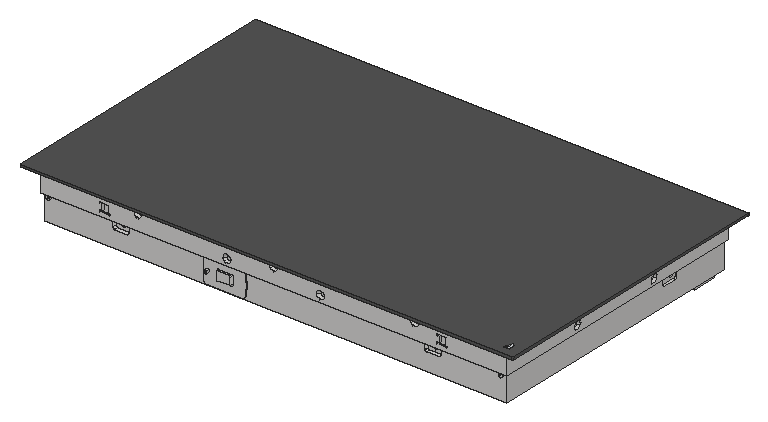
Revit family "P210876JX-014_JEC4536KB", category Specialty Equipment, Revit 2026
Family settings
  Round Connector Dimension = Use Diameter
  Part Type = Normal
  Work Plane-Based = No
  Enable Cutting in Views = No
  Always vertical = Yes
  Cut with Voids When Loaded = No
  Maintain Annotation Orientation = No
  Shared = No
  Room Calculation Point = No
Parameters (values of type "JEC4536KB")
  Width = 36 5/16"
  Voltage = 0 V
  URL = ""
  Side Border Material = ARCAT - Metal - Steel - Stainless Black
  Model = "JEC4536KB"
  Manufacturer = "JennAir"
  Logo Material = ARCAT - Metal - Steel - White
  Installation-Fabrication = "https://www.whirlpool.com/content/dam/global/documents/202005/installation-instructions-w11439183-reva.pdf\r\nhttps://www.whirlpool.com/content/dam/global/documents/202005/installation-instructions-w11439183-reva.pdf"
  Height = 5 1/4"
  Feature 3 = "12\"/9\"/6\" Triple-Choice™ Element\r\nÉlément Triple-Choice™ de 12 po/9 po/6 po"
  Feature 2 = "Versatile Installation\r\nVersatile Installation"
  Feature 1 = "Most Powerful Radiant Cooktop In Its Class\r\nMost Powerful Radiant Cooktop In Its Class"
  Family Name = "Electric Built-In Cooktop"
  Energy Guide = ""
  Drawn By = ""
  Dimension Guide = ""
  Description = "Oblivion 36\" Electric Radiant Cooktop with Emotive Controls\r\nOblivion 36\" Electric Radiant Cooktop with Emotive Controls"
  Depth = 21 3/4"
  Default Elevation = 0"
  Copyright = ""
  Cooktop Glass Material = ARCAT - Glass - Tempered - Black Light
  Body Material = ARCAT - Metal - Steel - Stainless
  Amps = 0 A
Reference planes (in)
  plane 1 "Center (Front/Back)": y = 0
  plane 2: z = 0
  plane 3 "Center (Left/Right)": x = 0
  plane 4: z = 0
  plane 5: z = 0
  plane 6: z = 3.75
  plane 7: y = -21.75
  plane 8: z = -1.5
  plane 9: x = 18.15625
  plane 10: x = -18.15625
Forms (in)
  Extrusion 1, solid, material "ARCAT - Metal - Steel - Stainless" <- "Body Material"
    sketch origin (-60.41868, -180, 3.4) x (-1, 0, 0) y (0, -1, 0)
      loop
        line (-43.23373, -179.28617) -> (-43.23373, -158.96383) -> (-77.60363, -158.96383) -> (-77.60363, -179.28617) -> (-43.23373, -179.28617)
    from -1.48011 to 0.13008
  Extrusion 2, solid, material "ARCAT - Metal - Steel - Stainless" <- "Body Material"
    sketch origin (-60.41868, -180, 1.95) x (-1, 0, 0) y (0, -1, 0)
      loop
        line (-77.45325, -179.10613) -> (-43.38411, -179.10613) -> (-43.38411, -159.14387) -> (-77.45325, -159.14387) -> (-77.45325, -179.10613)
    from -1.95 to -0.03011
  Blend 3, void
    base sketch origin (17.18495, -1.49508, 2.55117) x (0, 1, 0) y (0, 0, -1)
      loop
        circle (-15.93157, -0.46189) r 0.29844
    top sketch origin (17.18495, -1.49508, 2.55117) x (0, -1, 0) y (0, 0, -1)
      loop
        circle (15.93157, -0.46189) r 0.14844
    from 0 to 0.19922
  Blend 4, void
    base sketch origin (-24.59375, -21.03617, 3.65) x (-1, 0, 0) y (0, 0, 1)
      loop
        circle (-14.62755, -0.59831) r 0.30058
    top sketch origin (-24.59375, -21.03617, 3.65) x (-1, 0, 0) y (0, 0, 1)
      loop
        circle (-14.62755, -0.59831) r 0.19922
    from 0 to 0.19922
  Blend 5, void
    base sketch origin (-12.51498, -21.03617, 3.12955) x (-1, 0, 0) y (0, 0, 1)
      loop
        circle (-9.08495, -0.7585) r 0.30058
    top sketch origin (-12.51498, -21.03617, 3.12955) x (-1, 0, 0) y (0, 0, 1)
      loop
        circle (-9.08495, -0.7585) r 0.19922
    from 0 to 0.19922
  Blend 6, void
    base sketch origin (25.03125, -21.03617, 3.65) x (1, 0, 0) y (0, 0, -1)
      loop
        circle (-14.62755, 0.59831) r 0.30058
    top sketch origin (25.03125, -21.03617, 3.65) x (1, 0, 0) y (0, 0, -1)
      loop
        circle (-14.62755, 0.59831) r 0.19922
    from 0 to 0.19922
  Extrusion 7, solid, material "ARCAT - Metal - Steel - Stainless" <- "Body Material"
    sketch origin (2.16406, -20.85613, 1.95) x (-1, 0, 0) y (0, 0, -1)
      loop
        line (7.2677, 0.08015) -> (7.4362, 0.24865) -> (7.4362, 1.719) -> (7.2677, 1.8875) -> (4.53143, 1.8875) -> (4.36293, 1.719) -> (4.36293, 1.219) -> (4.27209, 1.219) -> (4.27209, 0.71854) -> (4.36293, 0.71854) -> (4.36293, 0.24865) -> (4.53143, 0.08015) -> (7.2677, 0.08015)
    from 0 to 0.02481
  Blend 8, solid, material "ARCAT - Metal - Steel - Stainless" <- "Body Material"
    base sketch origin (2.04754, -20.88094, 4.08405) x (-1, 0, 0) y (0, 0, -1)
      loop
        arc (6.29273, 2.72783) -> (6.32587, 2.74155) -> (6.3396, 2.7747) r 0.04688
        line (6.3396, 2.7747) -> (6.3396, 3.43095)
        arc (6.3396, 3.43095) -> (6.32587, 3.4641) -> (6.29273, 3.47783) r 0.04688
        line (6.29273, 3.47783) -> (5.27337, 3.47783)
        arc (5.27337, 3.47783) -> (5.24022, 3.4641) -> (5.22649, 3.43095) r 0.04688
        line (5.22649, 3.43095) -> (5.22649, 2.7747)
        arc (5.22649, 2.7747) -> (5.24022, 2.74155) -> (5.27337, 2.72783) r 0.04688
        line (5.27337, 2.72783) -> (6.29273, 2.72783)
    top sketch origin (2.04754, -20.88094, 4.08405) x (-1, 0, 0) y (0, 0, -1)
      loop
        line (6.26929, 2.84501) -> (6.26929, 3.36064)
        arc (6.26929, 3.36064) -> (6.25556, 3.39378) -> (6.22242, 3.40751) r 0.04688
        line (6.22242, 3.40751) -> (5.34368, 3.40751)
        arc (5.34368, 3.40751) -> (5.31053, 3.39378) -> (5.2968, 3.36064) r 0.04688
        line (5.2968, 3.36064) -> (5.2968, 2.84501)
        arc (5.2968, 2.84501) -> (5.31053, 2.81187) -> (5.34368, 2.79814) r 0.04688
        line (5.34368, 2.79814) -> (6.22242, 2.79814)
        arc (6.22242, 2.79814) -> (6.25556, 2.81187) -> (6.26929, 2.84501) r 0.04688
    from 0 to 0.13144
  Extrusion 9, solid, material "ARCAT - Metal - Steel - Stainless" <- "Body Material"
    sketch origin (2.17969, -20.88094, 1.95) x (-1, 0, 0) y (0, 0, -1)
      loop
        line (7.33049, 0.89697) -> (7.33049, 1.04058) -> (7.20612, 1.11238) -> (7.08175, 1.04058) -> (7.08175, 0.89697) -> (7.20612, 0.82516) -> (7.33049, 0.89697)
      loop
        circle (7.20612, 0.96877) r 0.06531
    from 0 to 0.16605
  Extrusion 10, solid, material "ARCAT - Metal - Steel - Stainless" <- "Body Material"
    sketch origin (16.75781, -20.85613, 2.12187) x (-1, 0, 0) y (0, 0, -1)
      loop
        line (33.55666, 0.321) -> (33.55666, 0.46534) -> (33.43166, 0.53751) -> (33.30666, 0.46534) -> (33.30666, 0.321) -> (33.43166, 0.24883) -> (33.55666, 0.321)
      loop
        circle (33.43166, 0.39317) r 0.04258
    from 0 to 0.13726
  Blend 11, void
    base sketch origin (17.18495, -20.31742, 2.55117) x (0, -1, 0) y (0, 0, 1)
      loop
        circle (-15.77532, 0.46189) r 0.29844
    top sketch origin (17.18495, -20.31742, 2.55117) x (0, 1, 0) y (0, 0, 1)
      loop
        circle (15.77532, 0.46189) r 0.14844
    from 0 to 0.19922
  Blend 12, void
    base sketch origin (17.18495, 1.33055, 2.0845) x (0, 1, 0) y (0, 0, -1)
      loop
        circle (-15.93157, -0.3017) r 0.29844
    top sketch origin (17.18495, 1.33055, 2.0845) x (0, -1, 0) y (0, 0, -1)
      loop
        circle (15.93157, -0.3017) r 0.14844
    from 0 to 0.19922
  Blend 13, void
    base sketch origin (17.18495, -23.33055, 2.0845) x (0, -1, 0) y (0, 0, 1)
      loop
        circle (-15.77532, 0.3017) r 0.29844
    top sketch origin (17.18495, -23.33055, 2.0845) x (0, 1, 0) y (0, 0, 1)
      loop
        circle (15.77532, 0.3017) r 0.14844
    from 0 to 0.19922
  Blend 14, void
    base sketch origin (-10.5997, -20.85613, 1.95) x (1, 0, 0) y (0, 0, -1)
      loop
        line (-1.26861, 0.03011) -> (-0.24687, 0.03011) -> (-0.24687, 0.4561)
        arc (-0.24687, 0.4561) -> (-0.2777, 0.53053) -> (-0.35213, 0.56136) r 0.10526
        line (-0.35213, 0.56136) -> (-1.16335, 0.56136)
        arc (-1.16335, 0.56136) -> (-1.23778, 0.53053) -> (-1.26861, 0.4561) r 0.10526
        line (-1.26861, 0.4561) -> (-1.26861, 0.03011)
    top sketch origin (-10.5997, -20.85613, 1.95) x (-1, 0, 0) y (0, 0, -1)
      loop
        line (1.38274, 0.03011) -> (1.38274, 0.51136)
        arc (1.38274, 0.51136) -> (1.33835, 0.61853) -> (1.23118, 0.66292) r 0.15156
        line (1.23118, 0.66292) -> (0.2843, 0.66292)
        arc (0.2843, 0.66292) -> (0.17713, 0.61853) -> (0.13274, 0.51136) r 0.15156
        line (0.13274, 0.51136) -> (0.13274, 0.03011) -> (1.38274, 0.03011)
    from 0.125 to 0
  Extrusion 15, solid, material "ARCAT - Metal - Steel - Stainless" <- "Body Material"
    sketch origin (-11.05014, -20.73113, 1.91875) x (-1, 0, 0) y (0, 0, -1)
      loop
        line (0.21818, 0.0836) -> (0.21818, 0.19476) -> (0.1219, 0.25035) -> (0.02563, 0.19476) -> (0.02563, 0.0836) -> (0.1219, 0.02801) -> (0.21818, 0.0836)
      loop
        circle (0.1219, 0.13918) r 0.0328
    from 0 to 0.125
  Extrusion 16, solid, material "ARCAT - Metal - Steel - Stainless" <- "Body Material"
    sketch origin (16.90957, 13.68348, 1.95) x (0, -1, 0) y (0, 0, -1)
      loop
        line (19.53792, 0.10427) -> (19.53792, 0.20888) -> (19.44733, 0.26118) -> (19.35674, 0.20888) -> (19.35674, 0.10427) -> (19.44733, 0.05197) -> (19.53792, 0.10427)
      loop
        circle (19.44733, 0.15657) r 0.0328
    from 0 to 0.125
  Extrusion 17, solid, material "ARCAT - Metal - Steel - Stainless" <- "Body Material"
    sketch origin (16.75781, -0.89387, 1.95) x (-1, 0, 0) y (0, 0, 1)
      loop
        line (33.55666, -0.14913) -> (33.43166, -0.07696) -> (33.30666, -0.14913) -> (33.30666, -0.29346) -> (33.43166, -0.36563) -> (33.55666, -0.29346) -> (33.55666, -0.14913)
      loop
        circle (33.43166, -0.22129) r 0.04258
    from 0 to 0.13672
  Blend 18, void
    base sketch origin (-17.18495, -1.625, 3.4) x (0, 1, 0) y (0, 0, 1)
      loop
        circle (-15.80165, -0.38694) r 0.29844
    top sketch origin (-17.18495, -1.625, 3.4) x (0, -1, 0) y (0, 0, 1)
      loop
        circle (15.80165, -0.38694) r 0.14844
    from 0 to 0.19922
  Blend 19, void
    base sketch origin (-17.18495, -0.75, 3.4) x (0, 1, 0) y (0, 0, 1)
      loop
        circle (-3.7921, -0.38694) r 0.29844
    top sketch origin (-17.18495, -0.75, 3.4) x (0, -1, 0) y (0, 0, 1)
      loop
        circle (3.7921, -0.38694) r 0.14844
    from 0 to 0.19922
  Blend 20, void
    base sketch origin (-17.18495, -1.625, 3.4) x (0, 1, 0) y (0, 0, 1)
      loop
        circle (-12.97602, -1.01379) r 0.29844
    top sketch origin (-17.18495, -1.625, 3.4) x (0, -1, 0) y (0, 0, 1)
      loop
        circle (12.97602, -1.01379) r 0.14844
    from 0 to 0.19922
  Blend 21, void
    base sketch origin (-17.18495, -1.125, 3.4) x (0, 1, 0) y (0, 0, 1)
      loop
        circle (-6.43023, -1.01379) r 0.29844
    top sketch origin (-17.18495, -1.125, 3.4) x (0, -1, 0) y (0, 0, 1)
      loop
        circle (6.43023, -1.01379) r 0.14844
    from 0 to 0.19922
  Extrusion 22, solid, material "ARCAT - Glass - Tempered - Black Light" <- "Cooktop Glass Material"
    sketch origin (-17.73791, -0.5, 3.65989) x (0, -1, 0) y (1, 0, 0)
      loop
        arc (-0.5, -0.31677) -> (-0.47025, -0.38859) -> (-0.39844, -0.41834) r 0.10156
        line (-0.39844, -0.41834) -> (21.14844, -0.41834)
        arc (21.14844, -0.41834) -> (21.22025, -0.38859) -> (21.25, -0.31677) r 0.10156
        line (21.25, -0.31677) -> (21.25, 35.7926)
        arc (21.25, 35.7926) -> (21.22025, 35.86442) -> (21.14844, 35.89416) r 0.10156
        line (21.14844, 35.89416) -> (-0.39844, 35.89416)
        arc (-0.39844, 35.89416) -> (-0.47025, 35.86442) -> (-0.5, 35.7926) r 0.10156
        line (-0.5, 35.7926) -> (-0.5, -0.31677)
    from -0.05994 to 0.09011
  Extrusion 23, solid, material "ARCAT - Metal - Steel - Stainless" <- "Body Material"
    sketch origin (0, 10.7608, -0.22093) x (0, 1, 0) y (-1, 0, 0)
      loop
        line (-28.25301, 13.57759) -> (-30.02838, 11.80222) -> (-30.02838, -12.17722) -> (-28.25301, -13.95259) -> (-15.92546, -13.95259) -> (-14.15009, -12.17722) -> (-14.15009, -2.64095) -> (-14.43043, -2.36061) -> (-16.65009, -2.36061) -> (-16.65009, 1.86061) -> (-14.43043, 1.86061) -> (-14.15009, 2.14095) -> (-14.15009, 9.29725) -> (-14.43043, 9.57759) -> (-16.65009, 9.57759) -> (-16.65009, 13.29725) -> (-16.93043, 13.57759) -> (-28.25301, 13.57759)
      loop
        circle (-17.5982, 10.16306) r 0.38834
      loop
        circle (-28.06451, 10.16306) r 0.38834
      loop
        circle (-16.0982, -10.16306) r 0.38834
      loop
        circle (-28.06451, -10.16306) r 0.38834
      loop
        circle (-22.04312, -0.03358) r 0.38834
    from 0 to -0.04012
  Blend 24, void
    base sketch origin (-11.14232, -0.6875, 3.12955) x (-1, 0, 0) y (0, 0, -1)
      loop
        circle (-14.60625, 0.72839) r 0.30058
    top sketch origin (-11.14232, -0.6875, 3.12955) x (-1, 0, 0) y (0, 0, -1)
      loop
        circle (-14.60625, 0.72839) r 0.19922
    from 0 to 0.19922
  Extrusion 25, solid, material "ARCAT - Metal - Steel - Stainless" <- "Body Material"
    sketch origin (-17.73791, -0.5, 3.59995) x (1, 0, 0) y (0, -1, 0)
      loop
        line (0.55296, 0.21383) -> (0.55296, -0.14597) -> (0.69226, -0.28526) -> (34.78357, -0.28526) -> (34.92286, -0.14597) -> (34.92286, 0.21383) -> (0.55296, 0.21383)
      loop
        line (0.55296, 20.53617) -> (34.92286, 20.53617) -> (34.92286, 20.89597) -> (34.78357, 21.03526) -> (0.69226, 21.03526) -> (0.55296, 20.89597) -> (0.55296, 20.53617)
    from 0 to 0.06987
  Extrusion 26, solid, material "ARCAT - Metal - Steel - Stainless" <- "Body Material"
    sketch origin (-32.42241, 14.1845, 3.59995) x (1, 0, 0) y (0, -1, 0)
      loop
        line (15.23746, 14.89832) -> (15.23746, 35.22067) -> (14.66259, 35.22067) -> (14.52329, 35.08137) -> (14.52329, 15.03762) -> (14.66259, 14.89832) -> (15.23746, 14.89832)
    from 0 to 0.06987
  Extrusion 27, solid, material "ARCAT - Metal - Steel - Stainless" <- "Body Material"
    sketch origin (32.42241, 14.1845, 3.59995) x (1, 0, 0) y (0, -1, 0)
      loop
        line (-15.23746, 14.89832) -> (-14.66259, 14.89832) -> (-14.52329, 15.03762) -> (-14.52329, 35.08137) -> (-14.66259, 35.22067) -> (-15.23746, 35.22067) -> (-15.23746, 14.89832)
    from 0 to 0.06987
  Blend 28, void
    base sketch origin (17.03457, 13.55848, 1.95) x (0, 1, 0) y (0, 0, -1)
      loop
        arc (-19.92002, 0.56136) -> (-19.99445, 0.53053) -> (-20.02528, 0.4561) r 0.10526
        line (-20.02528, 0.4561) -> (-20.02528, 0.03011) -> (-18.87651, 0.03011) -> (-18.87651, 0.4561)
        arc (-18.87651, 0.4561) -> (-18.90734, 0.53053) -> (-18.98177, 0.56136) r 0.10526
        line (-18.98177, 0.56136) -> (-19.92002, 0.56136)
    top sketch origin (17.03457, 13.55848, 1.95) x (0, -1, 0) y (0, 0, -1)
      loop
        line (20.13941, 0.03011) -> (20.13941, 0.51136)
        arc (20.13941, 0.51136) -> (20.09502, 0.61853) -> (19.98784, 0.66292) r 0.15156
        line (19.98784, 0.66292) -> (18.91394, 0.66292)
        arc (18.91394, 0.66292) -> (18.80677, 0.61853) -> (18.76238, 0.51136) r 0.15156
        line (18.76238, 0.51136) -> (18.76238, 0.03011) -> (20.13941, 0.03011)
    from 0.125 to 0
  Extrusion 29, void
    sketch origin (17.19005, -0.6875, 3.4) x (1, 0, 0) y (0, 0, 1)
      loop
        line (-29.92152, -1.19027) -> (-29.26224, -1.19027)
        arc (-29.26224, -1.19027) -> (-29.20524, -1.13328) -> (-29.26224, -1.07628) r 0.05699
        line (-29.26224, -1.07628) -> (-29.37245, -1.07628) -> (-29.37245, -0.64391) -> (-29.26224, -0.64391)
        arc (-29.26224, -0.64391) -> (-29.20524, -0.58692) -> (-29.26224, -0.52992) r 0.05699
        line (-29.26224, -0.52992) -> (-29.86924, -0.52992) -> (-29.97945, -0.52992)
        arc (-29.97945, -0.52992) -> (-30.03644, -0.58692) -> (-29.97945, -0.64391) r 0.05699
        line (-29.97945, -0.64391) -> (-29.86924, -0.64391) -> (-29.86924, -1.07628) -> (-29.97945, -1.07628)
        arc (-29.97945, -1.07628) -> (-30.03644, -1.13328) -> (-29.97945, -1.19027) r 0.05699
        line (-29.97945, -1.19027) -> (-29.92152, -1.19027)
    from 0 to 0.15625
  Extrusion 30, solid, material "ARCAT - Metal - Steel - Stainless" <- "Body Material"
    sketch origin (-16.75781, -20.85613, 2.12187) x (1, 0, 0) y (0, 0, 1)
      loop
        line (33.55666, -0.321) -> (33.43166, -0.24883) -> (33.30666, -0.321) -> (33.30666, -0.46534) -> (33.43166, -0.53751) -> (33.55666, -0.46534) -> (33.55666, -0.321)
      loop
        circle (33.43166, -0.39317) r 0.04258
    from 0 to 0.13726
  Extrusion 31, solid, material "ARCAT - Metal - Steel - Stainless" <- "Body Material"
    sketch origin (-16.75781, -0.89387, 1.95) x (1, 0, 0) y (0, 0, -1)
      loop
        line (33.55666, 0.14913) -> (33.55666, 0.29346) -> (33.43166, 0.36563) -> (33.30666, 0.29346) -> (33.30666, 0.14913) -> (33.43166, 0.07696) -> (33.55666, 0.14913)
      loop
        circle (33.43166, 0.22129) r 0.04258
    from 0 to 0.13672
  Extrusion 32, solid, material "ARCAT - Metal - Steel - Stainless" <- "Body Material"
    sketch origin (-60.41868, -180, 0) x (0, -1, 0) y (-1, 0, 0)
      loop
        line (-176.84774, -77.07952) -> (-176.84774, -75.26702) -> (-178.66214, -75.26702) -> (-178.66214, -77.07952) -> (-176.84774, -77.07952)
    from 0 to 0.46769
  Revolve 33, solid, material "ARCAT - Metal - Steel - Stainless" <- "Body Material"
    sketch origin (14.32646, -3.2665, 3.4) x (-1, 0, 0) y (0, 0, -1)
      loop
        line (26.83911, 3.41562) -> (26.83911, 4.9) -> (26.77858, 4.9)
        arc (26.77858, 4.9) -> (26.49775, 4.78368) -> (26.38144, 4.50286) r 0.39714
        line (26.38144, 4.50286) -> (26.38144, 3.41562) -> (26.83911, 3.41562)
      axis (26.83911, 3.41562) -> (26.83911, 4.9)
    angle from 0 to 360
  Extrusion 34, solid, material "ARCAT - Metal - Steel - Stainless" <- "Body Material"
    sketch origin (-17.78125, 36.77096, 47.99219) x (0, 1, 0) y (0, 0, 1)
      loop
        line (-40.48045, -48.8269) -> (-40.48045, -49.10103)
        arc (-40.48045, -49.10103) -> (-40.36831, -49.37177) -> (-40.09758, -49.48391) r 0.38287
        line (-40.09758, -49.48391) -> (-40.03744, -49.48391) -> (-39.97734, -49.48391)
        arc (-39.97734, -49.48391) -> (-39.70661, -49.37177) -> (-39.59447, -49.10103) r 0.38287
        line (-39.59447, -49.10103) -> (-39.59447, -48.8269) -> (-40.48045, -48.8269)
    from 4.0123 to 5.31723
  Extrusion 35, solid, material "ARCAT - Metal - Steel - Stainless" <- "Body Material"
    sketch origin (14.53125, -0.71383, 3.39219) x (-1, 0, 0) y (0, 0, 1)
      loop
        line (28.30002, -3.99357) -> (28.30002, -4.88828) -> (28.74099, -4.88828) -> (28.74099, -3.99357) -> (28.74099, -3.81113) -> (28.62543, -3.81113) -> (28.62543, -3.99357) -> (28.30002, -3.99357)
    from -3.45987 to -1.64547
  Extrusion 36, solid, material "ARCAT - Metal - Steel - Stainless" <- "Body Material"
    sketch origin (13.98613, -0.89387, 1.95) x (-1, 0, 0) y (0, 0, 1)
      loop
        circle (13.98613, -1.65036) r 0.25
    from 0 to 0.03125
  Blend 37, void
    base sketch origin (-14.62755, -21.03617, 3.65) x (-1, 0, 0) y (0, 0, 1)
      loop
        circle (-14.62755, -0.59831) r 0.30058
    top sketch origin (-14.62755, -21.03617, 3.65) x (-1, 0, 0) y (0, 0, 1)
      loop
        circle (-14.62755, -0.59831) r 0.19922
    from 0 to 0.19922
  Extrusion 38, solid, material "ARCAT - Metal - Steel - Stainless" <- "Body Material"
    sketch origin (-62.85618, -180, 0) x (0, -1, 0) y (-1, 0, 0)
      loop
        line (-177.6407, -51.24979) -> (-175.82631, -51.24979) -> (-175.82631, -49.43729) -> (-177.6407, -49.43729) -> (-177.6407, -51.24979)
    from 0 to 0.01563
  Extrusion 39, solid, material "ARCAT - Metal - Steel - Stainless" <- "Body Material"
    sketch origin (-57.37673, -181.90595, 0) x (0, -1, 0) y (-1, 0, 0)
      loop
        line (-178.7537, -72.39902) -> (-178.7537, -73.09317) -> (-178.41645, -73.04578)
        arc (-178.41645, -73.04578) -> (-178.15594, -72.74609) -> (-178.41645, -72.44641) r 0.30263
        line (-178.41645, -72.44641) -> (-178.7537, -72.39902)
    from 0 to 0.06359
  Extrusion 40, solid, material "ARCAT - Metal - Steel - Stainless" <- "Body Material"
    sketch origin (-57.37673, -181.90595, -0.06359) x (1, 0, 0) y (0, -1, 0)
      loop
        circle (72.74609, -178.45857) r 0.1584
    from 0 to 0.08562
  Extrusion 41, solid, material "ARCAT - Metal - Steel - Stainless" <- "Body Material"
    sketch origin (17.75592, -3.07022, 0) x (0, 1, 0) y (0, 0, 1)
      loop
        line (-0.08203, -0.27188) -> (-0.08203, 0) -> (-0.58994, 0) -> (-0.58994, -0.09175)
        arc (-0.58994, -0.09175) -> (-0.53718, -0.21912) -> (-0.40981, -0.27188) r 0.18013
        line (-0.40981, -0.27188) -> (-0.08203, -0.27188)
    from -1.84972 to -1.27383
  Revolve 42, solid, material "ARCAT - Metal - Steel - Stainless" <- "Body Material"
    sketch origin (37.30378, -17.3037, 3.4) x (-1, 0, 0) y (0, 0, -1)
      loop
        arc (27.22125, 3.4) -> (27.29919, 3.41147) -> (27.37053, 3.4449) r 0.27063
        arc (27.37053, 3.4449) -> (27.43699, 3.50321) -> (27.48535, 3.57722) r 0.32629
        arc (27.48535, 3.57722) -> (27.50343, 3.60285) -> (27.52906, 3.62093) r 0.09202
        line (27.52906, 3.62093) -> (27.14072, 3.62093) -> (27.14072, 3.4) -> (27.22125, 3.4)
      axis (27.14072, 3.4) -> (27.14072, 3.62093)
    angle from 0 to 360
  Revolve 43, solid, material "ARCAT - Metal - Steel - Stainless" <- "Body Material"
    sketch origin (16.97767, -6.8374, 3.4) x (-1, 0, 0) y (0, 0, -1)
      loop
        arc (27.22125, 3.4) -> (27.29919, 3.41147) -> (27.37053, 3.4449) r 0.27063
        arc (27.37053, 3.4449) -> (27.43699, 3.50321) -> (27.48535, 3.57722) r 0.32629
        arc (27.48535, 3.57722) -> (27.50343, 3.60285) -> (27.52906, 3.62093) r 0.09202
        line (27.52906, 3.62093) -> (27.14072, 3.62093) -> (27.14072, 3.4) -> (27.22125, 3.4)
      axis (27.14072, 3.4) -> (27.14072, 3.62093)
    angle from 0 to 360
  Revolve 44, solid, material "ARCAT - Metal - Steel - Stainless" <- "Body Material"
    sketch origin (16.97767, -17.3037, 3.4) x (-1, 0, 0) y (0, 0, -1)
      loop
        arc (27.22125, 3.4) -> (27.29919, 3.41147) -> (27.37053, 3.4449) r 0.27063
        arc (27.37053, 3.4449) -> (27.43699, 3.50321) -> (27.48535, 3.57722) r 0.32629
        arc (27.48535, 3.57722) -> (27.50343, 3.60285) -> (27.52906, 3.62093) r 0.09202
        line (27.52906, 3.62093) -> (27.14072, 3.62093) -> (27.14072, 3.4) -> (27.22125, 3.4)
      axis (27.14072, 3.4) -> (27.14072, 3.62093)
    angle from 0 to 360
  Extrusion 45, solid, material "ARCAT - Metal - Steel - Stainless" <- "Body Material"
    sketch origin (-16.90957, 13.68348, 1.95) x (0, -1, 0) y (0, 0, 1)
      loop
        line (19.53792, -0.10427) -> (19.44733, -0.05197) -> (19.35674, -0.10427) -> (19.35674, -0.20888) -> (19.44733, -0.26118) -> (19.53792, -0.20888) -> (19.53792, -0.10427)
      loop
        circle (19.44733, -0.15657) r 0.0328
    from 0 to 0.125
  Blend 46, void
    base sketch origin (-17.03457, 13.55848, 1.95) x (0, 1, 0) y (0, 0, 1)
      loop
        line (-19.92002, -0.56136) -> (-18.98177, -0.56136)
        arc (-18.98177, -0.56136) -> (-18.90734, -0.53053) -> (-18.87651, -0.4561) r 0.10526
        line (-18.87651, -0.4561) -> (-18.87651, -0.03011) -> (-20.02528, -0.03011) -> (-20.02528, -0.4561)
        arc (-20.02528, -0.4561) -> (-19.99445, -0.53053) -> (-19.92002, -0.56136) r 0.10526
    top sketch origin (-17.03457, 13.55848, 1.95) x (0, -1, 0) y (0, 0, 1)
      loop
        line (20.13941, -0.03011) -> (18.76238, -0.03011) -> (18.76238, -0.51136)
        arc (18.76238, -0.51136) -> (18.80677, -0.61853) -> (18.91394, -0.66292) r 0.15156
        line (18.91394, -0.66292) -> (19.98784, -0.66292)
        arc (19.98784, -0.66292) -> (20.09502, -0.61853) -> (20.13941, -0.51136) r 0.15156
        line (20.13941, -0.51136) -> (20.13941, -0.03011)
    from 0.125 to 0
  Revolve 47, solid, material "ARCAT - Metal - Steel - Stainless" <- "Body Material"
    sketch origin (37.30378, -5.3374, 3.4) x (-1, 0, 0) y (0, 0, -1)
      loop
        arc (27.22125, 3.4) -> (27.29919, 3.41147) -> (27.37053, 3.4449) r 0.27063
        arc (27.37053, 3.4449) -> (27.43699, 3.50321) -> (27.48535, 3.57722) r 0.32629
        arc (27.48535, 3.57722) -> (27.50343, 3.60285) -> (27.52906, 3.62093) r 0.09202
        line (27.52906, 3.62093) -> (27.14072, 3.62093) -> (27.14072, 3.4) -> (27.22125, 3.4)
      axis (27.14072, 3.4) -> (27.14072, 3.62093)
    angle from 0 to 360
  Revolve 48, solid, material "ARCAT - Metal - Steel - Stainless" <- "Body Material"
    sketch origin (27.1743, -11.28232, 3.4) x (-1, 0, 0) y (0, 0, -1)
      loop
        arc (27.22125, 3.4) -> (27.29919, 3.41147) -> (27.37053, 3.4449) r 0.27063
        arc (27.37053, 3.4449) -> (27.43699, 3.50321) -> (27.48535, 3.57722) r 0.32629
        arc (27.48535, 3.57722) -> (27.50343, 3.60285) -> (27.52906, 3.62093) r 0.09202
        line (27.52906, 3.62093) -> (27.14072, 3.62093) -> (27.14072, 3.4) -> (27.22125, 3.4)
      axis (27.14072, 3.4) -> (27.14072, 3.62093)
    angle from 0 to 360
  Extrusion 49, void
    sketch origin (-17.19005, -0.6875, 3.4) x (-1, 0, 0) y (0, 0, -1)
      loop
        line (-29.92152, 1.19027) -> (-29.97945, 1.19027)
        arc (-29.97945, 1.19027) -> (-30.03644, 1.13328) -> (-29.97945, 1.07628) r 0.05699
        line (-29.97945, 1.07628) -> (-29.86924, 1.07628) -> (-29.86924, 0.64391) -> (-29.97945, 0.64391)
        arc (-29.97945, 0.64391) -> (-30.03644, 0.58692) -> (-29.97945, 0.52992) r 0.05699
        line (-29.97945, 0.52992) -> (-29.86924, 0.52992) -> (-29.26224, 0.52992)
        arc (-29.26224, 0.52992) -> (-29.20524, 0.58692) -> (-29.26224, 0.64391) r 0.05699
        line (-29.26224, 0.64391) -> (-29.37245, 0.64391) -> (-29.37245, 1.07628) -> (-29.26224, 1.07628)
        arc (-29.26224, 1.07628) -> (-29.20524, 1.13328) -> (-29.26224, 1.19027) r 0.05699
        line (-29.26224, 1.19027) -> (-29.92152, 1.19027)
    from 0 to 0.15625
  Blend 50, void
    base sketch origin (25.00995, -0.6875, 3.78008) x (1, 0, 0) y (0, 0, 1)
      loop
        circle (-14.60625, -0.72839) r 0.30058
    top sketch origin (25.00995, -0.6875, 3.78008) x (1, 0, 0) y (0, 0, 1)
      loop
        circle (-14.60625, -0.72839) r 0.19922
    from 0 to 0.19922
  Blend 51, void
    base sketch origin (-24.57245, -0.6875, 3.78008) x (-1, 0, 0) y (0, 0, -1)
      loop
        circle (-14.60625, 0.72839) r 0.30058
    top sketch origin (-24.57245, -0.6875, 3.78008) x (-1, 0, 0) y (0, 0, -1)
      loop
        circle (-14.60625, 0.72839) r 0.19922
    from 0 to 0.19922
  Extrusion 52, void
    sketch origin (17.16875, -21.03617, 3.4) x (1, 0, 0) y (0, 0, -1)
      loop
        line (-29.84794, 0.52992) -> (-29.24094, 0.52992)
        arc (-29.24094, 0.52992) -> (-29.18394, 0.58692) -> (-29.24094, 0.64391) r 0.05699
        line (-29.24094, 0.64391) -> (-29.35115, 0.64391) -> (-29.35115, 1.07628) -> (-29.24094, 1.07628)
        arc (-29.24094, 1.07628) -> (-29.18394, 1.13328) -> (-29.24094, 1.19027) r 0.05699
        line (-29.24094, 1.19027) -> (-29.90022, 1.19027) -> (-29.95815, 1.19027)
        arc (-29.95815, 1.19027) -> (-30.01514, 1.13328) -> (-29.95815, 1.07628) r 0.05699
        line (-29.95815, 1.07628) -> (-29.84794, 1.07628) -> (-29.84794, 0.64391) -> (-29.95815, 0.64391)
        arc (-29.95815, 0.64391) -> (-30.01514, 0.58692) -> (-29.95815, 0.52992) r 0.05699
        line (-29.95815, 0.52992) -> (-29.84794, 0.52992)
    from 0 to 0.15625
  Extrusion 53, void
    sketch origin (-17.16875, -21.03617, 3.4) x (-1, 0, 0) y (0, 0, 1)
      loop
        line (-29.84794, -0.52992) -> (-29.95815, -0.52992)
        arc (-29.95815, -0.52992) -> (-30.01514, -0.58692) -> (-29.95815, -0.64391) r 0.05699
        line (-29.95815, -0.64391) -> (-29.84794, -0.64391) -> (-29.84794, -1.07628) -> (-29.95815, -1.07628)
        arc (-29.95815, -1.07628) -> (-30.01514, -1.13328) -> (-29.95815, -1.19027) r 0.05699
        line (-29.95815, -1.19027) -> (-29.90022, -1.19027) -> (-29.24094, -1.19027)
        arc (-29.24094, -1.19027) -> (-29.18394, -1.13328) -> (-29.24094, -1.07628) r 0.05699
        line (-29.24094, -1.07628) -> (-29.35115, -1.07628) -> (-29.35115, -0.64391) -> (-29.24094, -0.64391)
        arc (-29.24094, -0.64391) -> (-29.18394, -0.58692) -> (-29.24094, -0.52992) r 0.05699
        line (-29.24094, -0.52992) -> (-29.84794, -0.52992)
    from 0 to 0.15625
  Blend 54, void
    base sketch origin (-14.60625, -0.6875, 3.78008) x (-1, 0, 0) y (0, 0, -1)
      loop
        circle (-14.60625, 0.72839) r 0.30058
    top sketch origin (-14.60625, -0.6875, 3.78008) x (-1, 0, 0) y (0, 0, -1)
      loop
        circle (-14.60625, 0.72839) r 0.19922
    from 0 to 0.19922
  Blend 55, void
    base sketch origin (12.54888, -21.03617, 3.15966) x (1, 0, 0) y (0, 0, -1)
      loop
        circle (-9.08495, 0.7585) r 0.30058
    top sketch origin (12.54888, -21.03617, 3.15966) x (1, 0, 0) y (0, 0, -1)
      loop
        circle (-9.08495, 0.7585) r 0.19922
    from 0 to 0.19922
  Blend 56, void
    base sketch origin (11.17622, -0.6875, 3.09944) x (1, 0, 0) y (0, 0, 1)
      loop
        circle (-14.60625, -0.72839) r 0.30058
    top sketch origin (11.17622, -0.6875, 3.09944) x (1, 0, 0) y (0, 0, 1)
      loop
        circle (-14.60625, -0.72839) r 0.19922
    from 0 to 0.19922
  Blend 57, void
    base sketch origin (10.8497, -20.85613, 1.95) x (-1, 0, 0) y (0, 0, 1)
      loop
        line (-1.26861, -0.03011) -> (-1.26861, -0.4561)
        arc (-1.26861, -0.4561) -> (-1.23778, -0.53053) -> (-1.16335, -0.56136) r 0.10526
        line (-1.16335, -0.56136) -> (-0.35213, -0.56136)
        arc (-0.35213, -0.56136) -> (-0.2777, -0.53053) -> (-0.24687, -0.4561) r 0.10526
        line (-0.24687, -0.4561) -> (-0.24687, -0.03011) -> (-1.26861, -0.03011)
    top sketch origin (10.8497, -20.85613, 1.95) x (1, 0, 0) y (0, 0, 1)
      loop
        line (1.38274, -0.03011) -> (0.13274, -0.03011) -> (0.13274, -0.51136)
        arc (0.13274, -0.51136) -> (0.17713, -0.61853) -> (0.2843, -0.66292) r 0.15156
        line (0.2843, -0.66292) -> (1.23118, -0.66292)
        arc (1.23118, -0.66292) -> (1.33835, -0.61853) -> (1.38274, -0.51136) r 0.15156
        line (1.38274, -0.51136) -> (1.38274, -0.03011)
    from 0.125 to 0
  Extrusion 58, solid, material "ARCAT - Metal - Steel - Stainless" <- "Body Material"
    sketch origin (11.91473, -20.73113, 1.91875) x (-1, 0, 0) y (0, 0, -1)
      loop
        line (0.21818, 0.0836) -> (0.21818, 0.19476) -> (0.1219, 0.25035) -> (0.02563, 0.19476) -> (0.02563, 0.0836) -> (0.1219, 0.02801) -> (0.21818, 0.0836)
      loop
        circle (0.1219, 0.13918) r 0.0328
    from 0 to 0.125
Cuts and joins
  Blend 3, Blend 4, Blend 5, Blend 6, Blend 11, Blend 12, Blend 13, Blend 14, Blend 18, Blend 19, Blend 20, Blend 21, Blend 24, Blend 28, Extrusion 29, Blend 37, Extrusion 49, Blend 50, Blend 51, Extrusion 52, Extrusion 53, Blend 54, Blend 55, Blend 56, Blend 57 cuts Extrusion 1
  Blend 14, Blend 28, Blend 46, Blend 57 cuts Extrusion 2
  Blend 28, Blend 57 cuts Extrusion 15
  joined: Revolve 33, Extrusion 34
Lines and regions (in)
  model lines
    curve 1: line (-11.85625, -21.03617, 1.91989) -> (-11.85625, -21.03617, 3.53008)
    curve 2: circle (-5.02644, -20.88094, 0.98123) r 0.18177 normal (0, -1, 0)
    curve 3: circle (-16.67384, -20.85613, 1.72871) r 0.17188 normal (0, -1, 0)
    curve 4: line (-11.4741, -20.73113, 1.91989) -> (-11.4741, -20.73113, 1.66989)
    curve 5: line (-11.4741, -20.73113, 1.66989) -> (-11.31761, -20.73113, 1.48854)
    curve 6: line (-11.31761, -20.73113, 1.48854) -> (-10.8467, -20.73113, 1.48854)
    curve 7: circle (-11.17205, -20.73113, 1.77957) r 0.15998 normal (0, 1, 0)
    curve 8: line (16.90957, -6.09715, 1.91926) -> (16.90957, -6.09715, 1.66926)
    curve 9: line (16.90957, -6.09715, 1.66926) -> (16.90957, -5.98111, 1.50354)
    curve 10: line (16.90957, -5.98111, 1.50354) -> (16.90957, -5.31847, 1.50354)
    curve 11: circle (16.90957, -5.76385, 1.79343) r 0.15998 normal (-1, 0, 0)
    curve 12: line (11.85625, -0.71383, 1.91708) -> (11.85625, -0.71383, 3.53008)
    curve 13: circle (-16.67384, -0.89387, 1.72871) r 0.17188 normal (0, -1, 0)
    curve 14: line (11.85625, -21.03617, 1.91989) -> (11.85625, -21.03617, 3.53008)
    curve 15: line (-11.85625, -0.71383, 1.91708) -> (-11.85625, -0.71383, 3.53008)
    curve 16: circle (16.67384, -20.85613, 1.72871) r 0.17188 normal (0, 1, 0)
    curve 17: circle (16.67384, -0.89387, 1.72871) r 0.17188 normal (0, 1, 0)
    curve 33: line (-0.34746, -0.71383, 2.1174) -> (-0.34746, -0.71383, 1.91989)
    curve 34: line (0.34746, -0.71383, 2.1174) -> (-0.34746, -0.71383, 2.1174)
    curve 35: line (0.34746, -0.71383, 1.91989) -> (0.34746, -0.71383, 2.1174)
    curve 36: line (-0.34746, -21.03617, 2.1174) -> (-0.34746, -21.03617, 1.91989)
    curve 37: line (0.34746, -21.03617, 2.1174) -> (-0.34746, -21.03617, 2.1174)
    curve 38: line (0.34746, -21.03617, 1.91989) -> (0.34746, -21.03617, 2.1174)
    curve 39: line (-16.90957, -6.09715, 1.91926) -> (-16.90957, -6.09715, 1.66926)
    curve 40: line (-16.90957, -6.09715, 1.66926) -> (-16.90957, -5.98111, 1.50354)
    curve 41: line (-16.90957, -5.98111, 1.50354) -> (-16.90957, -5.31847, 1.50354)
    curve 42: circle (-16.90957, -5.76385, 1.79343) r 0.15998 normal (-1, 0, 0)
    curve 141: line (11.49077, -20.73113, 1.91989) -> (11.49077, -20.73113, 1.66989)
    curve 142: line (11.49077, -20.73113, 1.66989) -> (11.64727, -20.73113, 1.48854)
    curve 143: line (11.64727, -20.73113, 1.48854) -> (12.11817, -20.73113, 1.48854)
    curve 144: circle (11.79283, -20.73113, 1.77957) r 0.15998 normal (0, 1, 0)
  model lines, style "Cooktop Grey"
    curve 18: arc (-16.36074, -5.0533, 3.75) -> (-15.34453, -2.71699, 3.75) -> (-13.00986, -1.69701, 3.75) r 3.48403
    curve 21: arc (-12.78768, -1.89503, 3.75) -> (-9.59447, -5.22422, 3.75) -> (-12.87896, -8.46339, 3.75) r 3.28481
    curve 22: arc (-12.87896, -8.46339, 3.75) -> (-15.17881, -7.52393, 3.75) -> (-16.16314, -5.24293, 3.75) r 3.28481
    curve 23: arc (-16.16179, -5.06431, 3.75) -> (-15.19366, -2.84788, 3.75) -> (-12.9706, -1.89504, 3.75) r 3.28481
    curve 112: arc (-14.45068, -15.65694, 3.75) -> (-8.45196, -15.56881, 3.75) -> (-14.4507, -15.48207, 3.75) r 3
    curve 113: arc (-11.57211, -20.62865, 3.75) -> (-15.01143, -19.16681, 3.75) -> (-16.50989, -15.74329, 3.75) r 5.06092
    curve 114: arc (-16.34278, -15.42711, 3.75) -> (-7.98975, -12.1118, 3.75) -> (-11.31679, -20.46017, 3.75) r 4.89288
    curve 117: arc (-11.58676, -20.46018, 3.75) -> (-14.90879, -19.03191, 3.75) -> (-16.34275, -15.71233, 3.75) r 4.89288
    curve 120: arc (-5.82312, -7.95199, 3.75) -> (4.0996, -11.90713, 3.75) -> (0.15527, -1.9801, 3.75) r 5.81518
    curve 121: arc (-3.00817, -7.90108, 3.75) -> (2.98988, -7.79427, 3.75) -> (-3.00807, -7.6821, 3.75) r 3
    curve 122: arc (-4.49551, -7.93907, 3.75) -> (4.47765, -7.79134, 3.75) -> (-4.49561, -7.64998, 3.75) r 4.48777
    curve 123: arc (-0.15111, -1.97946, 3.75) -> (-4.10574, -3.6647, 3.75) -> (-5.82229, -7.60584, 3.75) r 5.81518
    curve 124: arc (-6.0214, -7.59943, 3.75) -> (-4.24604, -3.52328, 3.75) -> (-0.15594, -1.7803, 3.75) r 6.0144
    curve 125: arc (14.45068, -15.65694, 3.75) -> (8.45196, -15.56881, 3.75) -> (14.4507, -15.48207, 3.75) r 3
    curve 126: arc (11.57211, -20.62865, 3.75) -> (15.01143, -19.16681, 3.75) -> (16.50989, -15.74329, 3.75) r 5.06092
    curve 127: arc (16.34278, -15.42711, 3.75) -> (7.98975, -12.1118, 3.75) -> (11.31679, -20.46017, 3.75) r 4.89288
    curve 130: arc (11.58676, -20.46018, 3.75) -> (14.90879, -19.03191, 3.75) -> (16.34275, -15.71233, 3.75) r 4.89288
    curve 135: arc (16.36074, -5.0533, 3.75) -> (15.34453, -2.71699, 3.75) -> (13.00986, -1.69701, 3.75) r 3.48403
    curve 138: arc (12.87896, -8.46339, 3.75) -> (15.17881, -7.52393, 3.75) -> (16.16314, -5.24293, 3.75) r 3.28481
    curve 139: arc (16.16179, -5.06431, 3.75) -> (15.19366, -2.84788, 3.75) -> (12.9706, -1.89504, 3.75) r 3.28481
    curve 140: arc (12.78768, -1.89503, 3.75) -> (9.59447, -5.22422, 3.75) -> (12.87896, -8.46339, 3.75) r 3.28481
  model lines, style "Cooktop White"
    curve 19: line (-12.89035, -1.71232, 3.75) -> (-12.89035, -2.10821, 3.75)
    curve 20: line (-12.8857, -5.1577, 3.75) -> (-16.31872, -5.1577, 3.75)
    curve 115: line (-11.46248, -15.57705, 3.75) -> (-16.51561, -15.57705, 3.75)
    curve 116: line (-11.44505, -20.28295, 3.75) -> (-11.44505, -20.63007, 3.75)
    curve 118: line (0, -1.79818, 3.75) -> (0, -2.18701, 3.75)
    curve 119: line (-0.01012, -7.79293, 3.75) -> (-6.01012, -7.79293, 3.75)
    curve 128: line (11.46248, -15.57705, 3.75) -> (16.51561, -15.57705, 3.75)
    curve 129: line (11.44505, -20.28295, 3.75) -> (11.44505, -20.63007, 3.75)
    curve 136: line (12.89035, -1.71232, 3.75) -> (12.89035, -2.10821, 3.75)
    curve 137: line (12.8857, -5.1577, 3.75) -> (16.31872, -5.1577, 3.75)
  symbolic lines, style "SpecialityEquipment"
    curve 24: line (-18.15625, -0.10156, 3.75) -> (-18.15625, -21.64844, 3.75)
    curve 25: arc (-18.15625, -21.64844, 3.75) -> (-18.1265, -21.72025, 3.75) -> (-18.05469, -21.75, 3.75) r 0.10156
    curve 26: line (-18.05469, -21.75, 3.75) -> (18.05469, -21.75, 3.75)
    curve 27: arc (18.05469, -21.75, 3.75) -> (18.1265, -21.72025, 3.75) -> (18.15625, -21.64844, 3.75) r 0.10156
    curve 28: line (18.15625, -21.64844, 3.75) -> (18.15625, -0.10156, 3.75)
    curve 29: arc (18.15625, -0.10156, 3.75) -> (18.1265, -0.02975, 3.75) -> (18.05469, 0, 3.75) r 0.10156
    curve 30: line (18.05469, 0, 3.75) -> (-18.05469, 0, 3.75)
    curve 31: arc (-18.05469, 0, 3.75) -> (-18.1265, -0.02975, 3.75) -> (-18.15625, -0.10156, 3.75) r 0.10156
    curve 32: circle (-12.87896, -5.17858, 3.75) r 3.28481 normal (0, 0, 1)
    curve 131: circle (-0.01012, -7.79293, 3.75) r 5.81518 normal (0, 0, 1)
    curve 132: circle (11.45196, -15.56916, 3.75) r 4.89288 normal (0, 0, 1)
    curve 133: circle (-11.45196, -15.56916, 3.75) r 4.89288 normal (0, 0, 1)
    curve 134: circle (12.87896, -5.17858, 3.75) r 3.28481 normal (0, 0, -1)
  model lines, style "Display Button Grey"
    curve 43: line (-6.25652, -19.17897, 3.75) -> (6.0464, -19.17897, 3.75)
    curve 44: line (3.58954, -18.08951, 3.75) -> (4.0301, -18.08951, 3.75)
    curve 45: line (3.58954, -18.53007, 3.75) -> (3.58954, -18.08951, 3.75)
    curve 46: line (4.0301, -18.53007, 3.75) -> (3.58954, -18.53007, 3.75)
    curve 47: line (4.0301, -18.08951, 3.75) -> (4.0301, -18.53007, 3.75)
    curve 48: line (3.58954, -18.58951, 3.75) -> (4.0301, -18.58951, 3.75)
    curve 49: line (3.58954, -19.03007, 3.75) -> (3.58954, -18.58951, 3.75)
    curve 50: line (4.0301, -19.03007, 3.75) -> (3.58954, -19.03007, 3.75)
    curve 51: line (4.0301, -18.58951, 3.75) -> (4.0301, -19.03007, 3.75)
    curve 52: line (3.58954, -20.26843, 3.75) -> (4.0301, -20.26843, 3.75)
    curve 53: line (3.58954, -19.82787, 3.75) -> (3.58954, -20.26843, 3.75)
    curve 54: line (4.0301, -19.82787, 3.75) -> (3.58954, -19.82787, 3.75)
    curve 55: line (4.0301, -20.26843, 3.75) -> (4.0301, -19.82787, 3.75)
    curve 56: line (3.58954, -19.76843, 3.75) -> (4.0301, -19.76843, 3.75)
    curve 57: line (3.58954, -19.32787, 3.75) -> (3.58954, -19.76843, 3.75)
    curve 58: line (4.0301, -19.32787, 3.75) -> (3.58954, -19.32787, 3.75)
    curve 59: line (4.0301, -19.76843, 3.75) -> (4.0301, -19.32787, 3.75)
    curve 68: line (-0.66046, -18.08951, 3.75) -> (-0.2199, -18.08951, 3.75)
    curve 69: line (-0.66046, -18.53007, 3.75) -> (-0.66046, -18.08951, 3.75)
    curve 70: line (-0.2199, -18.53007, 3.75) -> (-0.66046, -18.53007, 3.75)
    curve 71: line (-0.2199, -18.08951, 3.75) -> (-0.2199, -18.53007, 3.75)
    curve 72: line (-0.66046, -18.58951, 3.75) -> (-0.2199, -18.58951, 3.75)
    curve 73: line (-0.66046, -19.03007, 3.75) -> (-0.66046, -18.58951, 3.75)
    curve 74: line (-0.2199, -19.03007, 3.75) -> (-0.66046, -19.03007, 3.75)
    curve 75: line (-0.2199, -18.58951, 3.75) -> (-0.2199, -19.03007, 3.75)
    curve 76: line (-0.66046, -20.26843, 3.75) -> (-0.2199, -20.26843, 3.75)
    curve 77: line (-0.66046, -19.82787, 3.75) -> (-0.66046, -20.26843, 3.75)
    curve 78: line (-0.2199, -19.82787, 3.75) -> (-0.66046, -19.82787, 3.75)
    curve 79: line (-0.2199, -20.26843, 3.75) -> (-0.2199, -19.82787, 3.75)
    curve 80: line (-0.66046, -19.76843, 3.75) -> (-0.2199, -19.76843, 3.75)
    curve 81: line (-0.66046, -19.32787, 3.75) -> (-0.66046, -19.76843, 3.75)
    curve 82: line (-0.2199, -19.32787, 3.75) -> (-0.66046, -19.32787, 3.75)
    curve 83: line (-0.2199, -19.76843, 3.75) -> (-0.2199, -19.32787, 3.75)
    curve 88: line (-4.87921, -18.08951, 3.75) -> (-4.43865, -18.08951, 3.75)
    curve 89: line (-4.87921, -18.53007, 3.75) -> (-4.87921, -18.08951, 3.75)
    curve 90: line (-4.43865, -18.53007, 3.75) -> (-4.87921, -18.53007, 3.75)
    curve 91: line (-4.43865, -18.08951, 3.75) -> (-4.43865, -18.53007, 3.75)
    curve 92: line (-4.87921, -18.58951, 3.75) -> (-4.43865, -18.58951, 3.75)
    curve 93: line (-4.87921, -19.03007, 3.75) -> (-4.87921, -18.58951, 3.75)
    curve 94: line (-4.43865, -19.03007, 3.75) -> (-4.87921, -19.03007, 3.75)
    curve 95: line (-4.43865, -18.58951, 3.75) -> (-4.43865, -19.03007, 3.75)
    curve 96: line (-4.87921, -20.26843, 3.75) -> (-4.43865, -20.26843, 3.75)
    curve 97: line (-4.87921, -19.82787, 3.75) -> (-4.87921, -20.26843, 3.75)
    curve 98: line (-4.43865, -19.82787, 3.75) -> (-4.87921, -19.82787, 3.75)
    curve 99: line (-4.43865, -20.26843, 3.75) -> (-4.43865, -19.82787, 3.75)
    curve 100: line (-4.87921, -19.76843, 3.75) -> (-4.43865, -19.76843, 3.75)
    curve 101: line (-4.87921, -19.32787, 3.75) -> (-4.87921, -19.76843, 3.75)
    curve 102: line (-4.43865, -19.32787, 3.75) -> (-4.87921, -19.32787, 3.75)
    curve 103: line (-4.43865, -19.76843, 3.75) -> (-4.43865, -19.32787, 3.75)
  model lines, style "Display Button White"
    curve 60: line (2.23745, -18.08951, 3.75) -> (2.67801, -18.08951, 3.75)
    curve 61: line (2.23745, -18.53007, 3.75) -> (2.23745, -18.08951, 3.75)
    curve 62: line (2.67801, -18.53007, 3.75) -> (2.23745, -18.53007, 3.75)
    curve 63: line (2.67801, -18.08951, 3.75) -> (2.67801, -18.53007, 3.75)
    curve 64: line (2.23745, -20.26843, 3.75) -> (2.67801, -20.26843, 3.75)
    curve 65: line (2.23745, -19.82787, 3.75) -> (2.23745, -20.26843, 3.75)
    curve 66: line (2.67801, -19.82787, 3.75) -> (2.23745, -19.82787, 3.75)
    curve 67: line (2.67801, -20.26843, 3.75) -> (2.67801, -19.82787, 3.75)
    curve 84: line (-2.01255, -18.08951, 3.75) -> (-1.57199, -18.08951, 3.75)
    curve 85: line (-2.01255, -18.53007, 3.75) -> (-2.01255, -18.08951, 3.75)
    curve 86: line (-1.57199, -18.53007, 3.75) -> (-2.01255, -18.53007, 3.75)
    curve 87: line (-1.57199, -18.08951, 3.75) -> (-1.57199, -18.53007, 3.75)
    curve 104: line (-6.2313, -18.08951, 3.75) -> (-5.79074, -18.08951, 3.75)
    curve 105: line (-6.2313, -18.53007, 3.75) -> (-6.2313, -18.08951, 3.75)
    curve 106: line (-5.79074, -18.53007, 3.75) -> (-6.2313, -18.53007, 3.75)
    curve 107: line (-5.79074, -18.08951, 3.75) -> (-5.79074, -18.53007, 3.75)
    curve 108: line (-6.2313, -19.82787, 3.75) -> (-5.79074, -19.82787, 3.75)
    curve 109: line (-6.2313, -20.26843, 3.75) -> (-6.2313, -19.82787, 3.75)
    curve 110: line (-5.79074, -20.26843, 3.75) -> (-6.2313, -20.26843, 3.75)
    curve 111: line (-5.79074, -19.82787, 3.75) -> (-5.79074, -20.26843, 3.75)
Dimensions and locks (in)
  "Height": plane 6 to plane 8
  "Depth": plane 7 to plane 1 "Center (Front/Back)"
  equal spacing: plane 10, plane 3 "Center (Left/Right)", plane 9
  "Width": plane 10 to plane 9
  aligned and locked: plane 2 to level
Automatic sketch dimensions
  Extrusion 1 sketch curve to plane 9 = 0.9713"
  plane 10 to Extrusion 1 sketch curve = 0.9713"
  plane 1 "Center (Front/Back)" to Extrusion 1 sketch curve = 0.71383"
  Extrusion 1 sketch curve to plane 7 = 0.71383"
  Extrusion 2 sketch curve to plane 9 = 1.12168"
  plane 10 to Extrusion 2 sketch curve = 1.12168"
  plane 1 "Center (Front/Back)" to Extrusion 2 sketch curve = 0.89387"
  Extrusion 2 sketch curve to plane 7 = 0.89387"
  curve 16 to Extrusion 2 = 0.36073"
  Extrusion 2 to curve 3 = 0.36073"
  Extrusion 2 to curve 16 = 0.19119"
  Extrusion 2 to curve 3 = 0.19119"
  Blend 3 sketch curve to Extrusion 1 = 0.51702"
  Blend 3 sketch curve to Extrusion 1 = 3.60952"
  Extrusion 1 to Blend 3 sketch curve = 0.51702"
  Extrusion 1 to Blend 3 sketch curve = 3.60952"
  Blend 4 sketch curve to Extrusion 1 = 0.47839"  (x2)
  Extrusion 1 to Blend 4 sketch curve = 7 7/32"  (x2)
  curve 14 to Extrusion 1 = 0"  (x2)
  curve 38 to Extrusion 1 = 0"
  curve 36 to Extrusion 1 = 0"
  curve 1 to Extrusion 1 = 0"  (x2)
  Extrusion 1 to curve 37 = 0.19751"
  curve 37 to Extrusion 1 = 16.83749"
  curve 37 to curve 36 = 0.69492"
  curve 14 to Extrusion 1 = 5.3287"
  curve 1 to Extrusion 1 = 5.3287"
  curve 12 to Extrusion 1 = 0"
  curve 35 to Extrusion 1 = 0"
  curve 33 to Extrusion 1 = 0"
  curve 15 to Extrusion 1 = 0"
  Extrusion 1 to curve 34 = 0.19751"
  Extrusion 1 to curve 34 = 16.83749"
  curve 34 to curve 34 = 0.69492"
  curve 12 to Extrusion 1 = 0.00281"
  Extrusion 1 to curve 12 = 5.3287"
  curve 15 to Extrusion 1 = 0.00281"
  curve 15 to Extrusion 1 = 5.3287"
  Blend 5 sketch curve to Extrusion 1 = 0.45116"  (x2)
  Extrusion 1 to Blend 5 sketch curve = 13.75492"  (x2)
  Blend 6 sketch curve to Extrusion 1 = 0.47839"  (x2)
  Extrusion 1 to Blend 6 sketch curve = 6 25/32"  (x2)
  Extrusion 2 to Extrusion 7 sketch curve = 0.731"
  Extrusion 2 to Extrusion 7 sketch curve = 14.92654"
  Extrusion 2 to Extrusion 7 sketch curve = 0.21854"  (x2)
  Extrusion 7 sketch curve to Extrusion 7 sketch curve = 0.09084"  (x2)
  Extrusion 2 to Extrusion 7 sketch curve = 0.231"  (x2)
  Extrusion 2 to Extrusion 7 sketch curve = 0.05004"
  Extrusion 7 sketch curve to Extrusion 7 sketch curve = 0.1685"  (x3)
  Extrusion 2 to Extrusion 7 sketch curve = 1/16"
  Extrusion 7 sketch curve to Extrusion 7 sketch curve = 2.73627"
  Extrusion 7 sketch curve to Extrusion 7 sketch curve = 0"
  Extrusion 7 sketch curve to Extrusion 7 sketch curve = 0.46989"
  Extrusion 7 to Blend 8 sketch curve = 0.0779"  (x2)
  Blend 8 sketch curve to Extrusion 7 = 0.98008"
  Blend 8 sketch curve to Blend 8 sketch curve = 3/64"  (x5)
  Blend 8 sketch curve to Blend 8 sketch curve = 1.01936"
  Blend 8 sketch curve to Blend 8 sketch curve = 0"
  Extrusion 7 to Blend 8 sketch curve = 0.00758"  (x3)
  Blend 8 sketch curve to Extrusion 7 = 1.05039"
  Extrusion 7 to Blend 8 sketch curve = 0.05446"
  Blend 8 sketch curve to Blend 8 sketch curve = 0.87874"
  curve 2 to Extrusion 7 = 0.24571"
  curve 2 to Extrusion 7 = 0.25023"
  Extrusion 9 sketch curve to Extrusion 7 = 0.17842"
  Extrusion 9 sketch curve to Extrusion 7 = 0.37008"
  Extrusion 9 sketch curve to Extrusion 7 = 0.10662"  (x2)
  Extrusion 9 sketch curve to Extrusion 9 sketch curve = 0.12437"  (x2)
  Extrusion 9 sketch curve to Extrusion 9 sketch curve = 0"
  Extrusion 9 sketch curve to Extrusion 7 = 0.12133"
  Extrusion 9 sketch curve to Extrusion 9 sketch curve = 0.07181"
  Extrusion 9 sketch curve to Extrusion 9 sketch curve = 0.14361"  (x3)
  Extrusion 2 to Extrusion 10 sketch curve = 0.48573"
  Extrusion 2 to Extrusion 10 sketch curve = 0.04685"
  Extrusion 10 sketch curve to Extrusion 10 sketch curve = 1/8"  (x3)
  Extrusion 10 sketch curve to Extrusion 10 sketch curve = 0"
  Extrusion 2 to Extrusion 10 sketch curve = 0.11902"  (x2)
  Extrusion 10 sketch curve to Extrusion 10 sketch curve = 0.07217"
  Extrusion 10 sketch curve to Extrusion 10 sketch curve = 0.14434"  (x3)
  Blend 11 sketch curve to Extrusion 1 = 0.51702"
  Extrusion 1 to Blend 11 sketch curve = 3.82827"
  Extrusion 1 to Blend 11 sketch curve = 0.51702"
  Blend 11 sketch curve to Extrusion 1 = 3.82827"
  Blend 12 sketch curve to Extrusion 1 = 0.46631"
  Blend 12 sketch curve to Extrusion 1 = 6.43515"
  Extrusion 1 to Blend 12 sketch curve = 0.46631"
  Extrusion 1 to Blend 12 sketch curve = 6.43515"
  Blend 13 sketch curve to Extrusion 1 = 0.46631"
  Extrusion 1 to Blend 13 sketch curve = 6.8414"
  Extrusion 1 to Blend 13 sketch curve = 0.46631"
  Blend 13 sketch curve to Extrusion 1 = 6.8414"
  Blend 14 sketch curve to Extrusion 2 = 0"  (x2)
  Blend 14 sketch curve to Extrusion 2 = 5.16626"
  Blend 14 sketch curve to Blend 14 sketch curve = 0.10526"  (x2)
  Blend 14 sketch curve to Blend 14 sketch curve = 0.81122"
  Blend 14 sketch curve to Blend 14 sketch curve = 0.42599"
  Extrusion 2 to Blend 14 sketch curve = 6.30213"
  Blend 14 sketch curve to Blend 14 sketch curve = 0.15156"  (x2)
  Blend 14 sketch curve to Blend 14 sketch curve = 0.94688"
  Extrusion 2 to Blend 14 sketch curve = 0.48125"
  curve 4 to Blend 14 = 0"
  curve 141 to Blend 14 = 0"
  Blend 14 to curve 4 = 0.39421"
  Blend 14 to curve 6 = 0.0999"
  curve 4 to curve 6 = 0.15649"
  Blend 14 to curve 7 = 0.14032"
  curve 4 to curve 7 = 0.30205"
  Blend 14 to curve 141 = 1/4"
  curve 141 to Blend 14 = 22.33734"
  Blend 14 to curve 143 = 0.0999"
  curve 142 to curve 143 = 0.15649"
  Blend 14 to curve 144 = 0.14032"
  curve 141 to curve 144 = 0.30205"
  curve 4 to curve 5 = 0.18135"
  Blend 14 to curve 6 = 0.00014"
  curve 144 to curve 143 = 0.32534"
  Extrusion 15 sketch curve to Blend 14 = 0.22921"
  Extrusion 15 sketch curve to Blend 14 = 0.02915"
  Extrusion 15 sketch curve to Extrusion 15 sketch curve = 0.09628"  (x3)
  Extrusion 15 sketch curve to Extrusion 15 sketch curve = 0"
  Extrusion 15 sketch curve to Blend 14 = 0.08474"  (x2)
  Extrusion 15 sketch curve to Extrusion 15 sketch curve = 0.05558"  (x2)
  Extrusion 15 sketch curve to Extrusion 15 sketch curve = 0.11117"  (x2)
  Extrusion 16 sketch curve to Blend 28 = 0.35523"
  Extrusion 16 sketch curve to Blend 28 = 0.02186"
  Extrusion 16 sketch curve to Extrusion 16 sketch curve = 0.09059"  (x4)
  Extrusion 16 sketch curve to Blend 28 = 0.07416"  (x2)
  Extrusion 16 sketch curve to Extrusion 16 sketch curve = 0.0523"  (x3)
  Extrusion 16 sketch curve to Extrusion 16 sketch curve = 0.10461"
  Extrusion 2 to Extrusion 17 sketch curve = 0.48573"
  Extrusion 2 to Extrusion 17 sketch curve = 0.04685"
  Extrusion 17 sketch curve to Extrusion 17 sketch curve = 1/8"  (x4)
  Extrusion 2 to Extrusion 17 sketch curve = 0.11902"  (x2)
  Extrusion 17 sketch curve to Extrusion 17 sketch curve = 0.07217"  (x3)
  Extrusion 17 sketch curve to Extrusion 17 sketch curve = 0.14434"
  Blend 18 sketch curve to Extrusion 1 = 0.51702"
  Blend 18 sketch curve to Extrusion 1 = 3.60952"
  Extrusion 1 to Blend 18 sketch curve = 0.51702"
  Extrusion 1 to Blend 18 sketch curve = 3.60952"
  Blend 19 sketch curve to Extrusion 1 = 0.51702"
  Blend 19 sketch curve to Extrusion 1 = 3.82827"
  Extrusion 1 to Blend 19 sketch curve = 0.51702"
  Extrusion 1 to Blend 19 sketch curve = 3.82827"
  Blend 20 sketch curve to Extrusion 1 = 0.46631"
  Blend 20 sketch curve to Extrusion 1 = 6.43515"
  Extrusion 1 to Blend 20 sketch curve = 0.46631"
  Extrusion 1 to Blend 20 sketch curve = 6.43515"
  Blend 21 sketch curve to Extrusion 1 = 0.46631"
  Blend 21 sketch curve to Extrusion 1 = 6.8414"
  Extrusion 1 to Blend 21 sketch curve = 0.46631"
  Extrusion 1 to Blend 21 sketch curve = 6.8414"
  plane 1 "Center (Front/Back)" to Extrusion 22 sketch curve = 0"
  Extrusion 22 sketch curve to plane 10 = 0"
  Extrusion 22 sketch curve to plane 9 = 0"
  plane 7 to Extrusion 22 sketch curve = 0"
  plane 1 "Center (Front/Back)" to Extrusion 22 sketch curve = 13/128"  (x2)
  Extrusion 22 sketch curve to plane 7 = 13/128"  (x2)
  curve 18 to curve 21 = 0"  (x2)
  curve 18 to curve 22 = 0"  (x2)
  curve 18 to curve 23 = 0"  (x2)
  curve 18 to curve 32 = 0"  (x2)
  curve 21 to curve 22 = 0"  (x2)
  curve 21 to curve 23 = 0"  (x3)
  curve 21 to curve 32 = 0"  (x2)
  curve 22 to curve 23 = 0"  (x2)
  curve 22 to curve 32 = 0"  (x2)
  curve 23 to curve 32 = 0"  (x2)
  curve 112 to curve 113 = 0"  (x2)
  curve 112 to curve 114 = 0"  (x2)
  curve 112 to curve 117 = 0"  (x2)
  curve 112 to curve 133 = 0"  (x2)
  curve 113 to curve 114 = 0"  (x2)
  curve 113 to curve 117 = 0"  (x2)
  curve 113 to curve 133 = 0"  (x2)
  curve 114 to curve 117 = 0"  (x2)
  curve 114 to curve 133 = 0"  (x2)
  curve 117 to curve 133 = 0"  (x2)
  curve 120 to curve 121 = 0"  (x2)
  curve 120 to curve 122 = 0"  (x2)
  curve 120 to curve 123 = 0"  (x2)
  curve 120 to curve 124 = 0"  (x2)
  curve 120 to curve 131 = 0"  (x2)
  curve 121 to curve 122 = 0"  (x2)
  curve 121 to curve 123 = 0"  (x2)
  curve 121 to curve 124 = 0"  (x2)
  curve 121 to curve 131 = 0"  (x2)
  curve 122 to curve 123 = 0"  (x2)
  curve 122 to curve 124 = 0"  (x2)
  curve 122 to curve 131 = 0"  (x2)
  curve 123 to curve 124 = 0"  (x2)
  curve 123 to curve 131 = 0"  (x2)
  curve 124 to curve 131 = 0"  (x2)
  curve 125 to curve 126 = 0"  (x2)
  curve 125 to curve 127 = 0"  (x2)
  curve 125 to curve 130 = 0"  (x2)
  curve 125 to curve 132 = 0"  (x2)
  curve 126 to curve 127 = 0"  (x2)
  curve 126 to curve 130 = 0"  (x2)
  curve 126 to curve 132 = 0"  (x2)
  curve 127 to curve 130 = 0"  (x2)
  curve 127 to curve 132 = 0"  (x2)
  curve 130 to curve 132 = 0"  (x2)
  curve 134 to curve 135 = 0"  (x2)
  curve 134 to curve 138 = 0"  (x2)
  curve 134 to curve 139 = 0"  (x2)
  curve 134 to curve 140 = 0"  (x2)
  curve 135 to curve 138 = 0"  (x2)
  curve 135 to curve 139 = 0"  (x2)
  curve 135 to curve 140 = 0"  (x2)
  curve 138 to curve 139 = 0"  (x2)
  curve 138 to curve 140 = 0"  (x2)
  curve 139 to curve 140 = 0"  (x2)
  curve 31 to Extrusion 22 = 13/128"
  curve 140 to Extrusion 22 = 5.17858"
  curve 23 to Extrusion 22 = 5.17858"
  curve 123 to Extrusion 22 = 7.79293"
  curve 114 to Extrusion 22 = 6.18084"
  curve 132 to Extrusion 22 = 6.18084"
  curve 44 to Extrusion 22 = 3.66049"
  curve 104 to Extrusion 22 = 3.66049"
  curve 69 to Extrusion 22 = 3.66049"
  curve 104 to curve 91 = 0"
  curve 87 to curve 68 = 0"
  curve 63 to curve 44 = 0"
  curve 84 to curve 86 = 0.44056"
